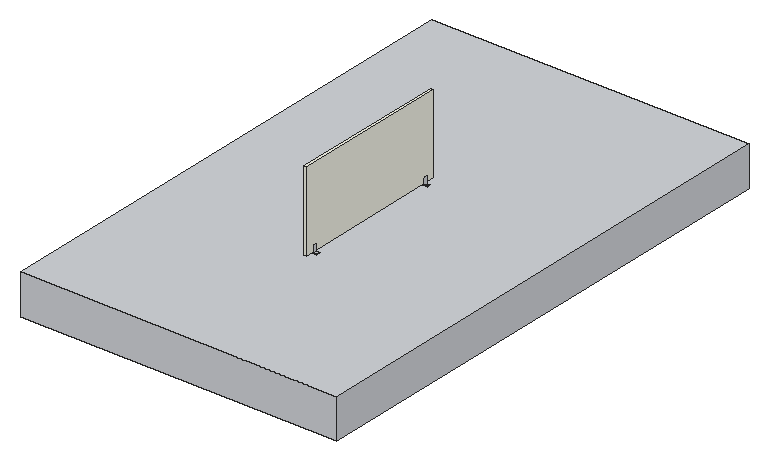
Revit family
Parameters (values of type "48" Urinal Screen")
  Wall Gap = 0' - 0 1/2"
  URL = "www.bobrick.com"
  Type Comments = "DuraLineSeries Water and Fire Resistant Solid Phenolic Partitions and Screens"
  Product Page URL = ""
  Partition Material = Laminated Plastic - Bobrick - Designer White
  Panel Thickness = 0' - 0 3/4"
  Panel Height = 4' - 0"
  Panel Depth = 2' - 0"
  Model = "1080 Series"
  Manufacturer = "Bobrick Washroom Equipment, Inc."
  Floor Offset = Default Elevation  # 1' - 0"
  Finish Material = Stainless Steel - Bobrick - Satin
  Description = "Wall Hung Urinal Screen"
  Default Elevation = 1' - 0"
  Ceiling Height = 5' - 7"
  Bracket Spacing = 3' - 6"
  Bracket Height = 0' - 3"
  Assembly Code = "C1030210"
  Floor to Ceiling Post = no
Types (4): name | Panel Height | Floor Offset | Description | Default Elevation | Ceiling Height | Bracket Spacing | Bracket Height | Floor to Ceiling Post
  (no name) | 4' - 0" | 1' - 0" | "Wall Hung Urinal Screen" | 1' - 0" | 5' - 7" | 3' - 6" | 0' - 3" | no
  42" Urinal Screen | 3' - 6" | 1' - 6" | "Wall Hung Urinal Screen" | 1' - 6" | 10' - 0" | 3' - 0" | 0' - 3" | no
  48" Urinal Screen | 4' - 0" | 1' - 0" | "Wall Hung Urinal Screen" | 1' - 0" | 5' - 7" | 3' - 6" | 0' - 3" | no
  Urinal Screen B-1083 | 4' - 10" | 1' - 0" | "Post to Ceiling Screen" | 1' - 0" | 8' - 0" | 3' - 10" | 0' - 6" | yes
Reference planes (in)
  plane 1 "Center (Front/Back)": y = 0
  plane 2: z = 0
  plane 3 "Center (Left/Right)": x = 0
  plane 4: y = 48
  plane 5: x = -0.375
  plane 6: x = 0.375
  plane 7: z = 24.5
  plane 8: z = 0.5
  plane 9: y = 3
  plane 10: y = 45
  plane 11: y = 55
  plane 12: y = -12
  plane 13 "Post": z = 25
  plane 14: z = 26.25
  plane 15: x = -0.625
  plane 16: x = 0.625
  plane 17: y = 24
Forms (in)
  Extrusion 1, solid
    sketch origin (0, 0, 0) x (1, 0, 0) y (0, 1, 0)
      loop
        line (-48, 108) -> (-48, -48) -> (48, -48) -> (48, 108) -> (-48, 108)
    from 0 to -12
  Extrusion 2, solid, material "Laminated Plastic - Bobrick - Designer White" <- "Partition Material"
    sketch origin (0, 0, 0) x (1, 0, 0) y (0, 1, 0)
      loop
        line (0.375, 0) -> (0.375, 48) -> (-0.375, 48) -> (-0.375, 0) -> (0.375, 0)
    from 0.5 to 24.5
  Extrusion 3, solid, material "Stainless Steel - Bobrick - Satin" <- "Finish Material", visible <- "Floor to Ceiling Post"
    sketch origin (0, 0, 0) x (1, 0, 0) y (0, 0, 1)
      loop
        line (-0.625, 26.25) -> (-0.625, 25) -> (0.625, 25) -> (0.625, 26.25) -> (-0.625, 26.25)
    from -55 to 12
Lines and regions (in)
  Masking region 1
    outline origin (0, 0, 0) x (0, 1, 0) y (0, 0, 1)
      loop
        line (48, 0.5) -> (48, 24.5) -> (0, 24.5) -> (0, 0.5) -> (2.5, 0.5) -> (2.5, 0) -> (3.5, 0) -> (3.5, 0.5) -> (44.5, 0.5) -> (44.5, 0) -> (45.5, 0) -> (45.5, 0.5) -> (48, 0.5)
  Masking region 2
    outline origin (0, 0, 0) x (1, 0, 0) y (0, 0, 1)
      loop
        line (0.375, 2.25) -> (0.375, 24.5) -> (-0.375, 24.5) -> (-0.375, 2.25) -> (-0.5, 2.25) -> (-0.5, 0.125) -> (-1.5, 0.125) -> (-1.5, 0) -> (1.5, 0) -> (1.5, 0.125) -> (0.5, 0.125) -> (0.5, 2.25) -> (0.375, 2.25)
  Masking region 3
    outline origin (0, 0, 0) x (1, 0, 0) y (0, 1, 0)
      loop
        line (0.375, 48) -> (-0.375, 48) -> (-0.375, 45.5) -> (-1.5, 45.5) -> (-1.5, 44.5) -> (-0.375, 44.5) -> (-0.375, 3.5) -> (-1.5, 3.5) -> (-1.5, 2.5) -> (-0.375, 2.5) -> (-0.375, 0) -> (0.375, 0) -> (0.375, 2.5) -> (1.5, 2.5) -> (1.5, 3.5) -> (0.375, 3.5) -> (0.375, 44.5) -> (1.5, 44.5) -> (1.5, 45.5) -> (0.375, 45.5) -> (0.375, 48)
  Masking region 4, visible <- "Floor to Ceiling Post"
    outline origin (0, 0, 0) x (1, 0, 0) y (0, 0, 1)
      loop
        line (-0.375, 22.75) -> (-0.375, 24.875) -> (0.375, 24.875) -> (0.375, 22.75) -> (0.625, 22.75) -> (0.625, 26.25) -> (-0.625, 26.25) -> (-0.625, 22.75) -> (-0.375, 22.75)
  Masking region 5, visible <- "Floor to Ceiling Post"
    outline origin (0, 0, 0) x (0, 1, 0) y (0, 0, 1)
      loop
        line (55, 26.25) -> (-12, 26.25) -> (-12, 25) -> (2.5, 25) -> (2.5, 22.75) -> (3.5, 22.75) -> (3.5, 25) -> (23.5, 25) -> (23.5, 22.75) -> (24.5, 22.75) -> (24.5, 25) -> (44.5, 25) -> (44.5, 22.75) -> (45.5, 22.75) -> (45.5, 25) -> (55, 25) -> (55, 26.25)
  symbolic lines, style "Urinal Screens"
    curve 1: line (0, 3.5, 0.5) -> (0, 3.5, 2.25)
    curve 2: line (0, 3.5, 2.25) -> (0, 2.5, 2.25)
    curve 3: line (0, 2.5, 2.25) -> (0, 2.5, 0.5)
    curve 4: line (0, 3.5, 0.125) -> (0, 2.5, 0.125)
    curve 5: line (0, 45.5, 0.5) -> (0, 45.5, 2.25)
    curve 6: line (0, 45.5, 2.25) -> (0, 44.5, 2.25)
    curve 7: line (0, 44.5, 2.25) -> (0, 44.5, 0.5)
    curve 8: line (0, 45.5, 0.125) -> (0, 44.5, 0.125)
    curve 9: line (0.375, 0, 2.25) -> (0.375, 0, 0.125)
    curve 10: line (0.375, 0, 0.125) -> (-0.375, 0, 0.125)
    curve 11: line (-0.375, 0, 0.125) -> (-0.375, 0, 2.25)
    curve 12: line (0.375, 0, 0.5) -> (-0.375, 0, 0.5)
    curve 13: line (0.5, 3.5, 0) -> (0.5, 2.5, 0)
    curve 14: line (-0.5, 3.5, 0) -> (-0.5, 2.5, 0)
    curve 15: line (-0.375, 3.5, 0) -> (-0.375, 2.5, 0)
    curve 16: line (0.375, 3.5, 0) -> (0.375, 2.5, 0)
    curve 17: line (-0.375, 45.5, 0) -> (-0.375, 44.5, 0)
    curve 18: line (-0.5, 45.5, 0) -> (-0.5, 44.5, 0)
    curve 19: line (0.375, 45.5, 0) -> (0.375, 44.5, 0)
    curve 20: line (0.5, 45.5, 0) -> (0.5, 44.5, 0)
  symbolic lines, style "Urinal Screens", visible <- "Floor to Ceiling Post"
    curve 21: line (0, 45.5, 25) -> (0, 44.5, 25)
    curve 22: line (0, 24.5, 25) -> (0, 23.5, 25)
    curve 23: line (0, 3.5, 25) -> (0, 2.5, 25)
    curve 24: line (-0.625, 0, 25) -> (0.625, 0, 25)
Dimensions and locks (in)
  equal spacing: plane 5, plane 3 "Center (Left/Right)", plane 6
  "Panel Thickness": plane 5 to plane 6
  "Panel Height": plane 1 "Center (Front/Back)" to plane 4
  "Wall Gap": plane 8 to level
  "Panel Depth": plane 7 to plane 8
  "Bracket Height": plane 1 "Center (Front/Back)" to plane 9
  "Bracket Spacing": plane 10 to plane 9
  "Floor Offset": plane 12 to plane 1 "Center (Front/Back)"
  "Ceiling Height": plane 11 to plane 12
  "Wall Gap": plane 13 "Post" to plane 7
  locked: plane 14 to plane 13 "Post" at 1.25
  plane 15 to plane 3 "Center (Left/Right)" to plane 16 = 0' - 0 5/8" locked, 0' - 0 5/8" locked
  equal spacing: plane 10, plane 17, plane 9
  aligned and locked: plane 2 to Extrusion 1
  aligned and locked: level to Extrusion 1
  aligned and locked: Extrusion 2 sketch curve to plane 1 "Center (Front/Back)"
  aligned and locked: plane 6 to Extrusion 2 sketch curve
  aligned and locked: Extrusion 2 sketch curve to plane 4
  aligned and locked: plane 5 to Extrusion 2 sketch curve
  aligned and locked: plane 7 to Extrusion 2
  aligned and locked: Extrusion 2 to plane 8
  aligned and locked: nested 1 to level
  aligned and locked: plane 3 "Center (Left/Right)" to nested 1
  aligned and locked: nested 1 to plane 9
  aligned and locked: nested 2 to level
  aligned and locked: nested 2 to plane 10
  aligned and locked: Masking region 1 sketch curve to Extrusion 2  (x4)
  aligned and locked: nested 1 to Masking region 1 sketch curve
  aligned and locked: Masking region 1 sketch curve to nested 1  (x2)
  aligned and locked: Masking region 1 sketch curve to nested 2  (x2)
  aligned and locked: nested 2 to Masking region 1 sketch curve
  aligned and locked: Extrusion 2 to Masking region 2 sketch curve
  aligned and locked: Masking region 2 sketch curve to Extrusion 2
  aligned and locked: Extrusion 1 to Masking region 2 sketch curve
  aligned and locked: Masking region 2 sketch curve to nested 2  (x7)
  aligned and locked: Masking region 3 sketch curve to Extrusion 2  (x4)
  aligned and locked: Masking region 3 sketch curve to nested 1  (x4)
  aligned and locked: Masking region 3 sketch curve to nested 2  (x4)
  aligned and locked: Extrusion 3 sketch curve to plane 14
  aligned and locked: Extrusion 3 sketch curve to plane 15
  aligned and locked: plane 13 "Post" to Extrusion 3 sketch curve
  aligned and locked: Extrusion 3 sketch curve to plane 16
  aligned and locked: plane 11 to Extrusion 3
  aligned and locked: Extrusion 3 to plane 12
  aligned and locked: plane 13 "Post" to nested 3
  aligned and locked: plane 3 "Center (Left/Right)" to nested 3
  aligned and locked: nested 3 to plane 10
  aligned and locked: nested 5 to plane 9
  aligned and locked: plane 17 to nested 4
  aligned and locked: plane 7 to Masking region 2 sketch curve
  aligned and locked: Masking region 4 sketch curve to plane 14
  aligned and locked: Masking region 4 sketch curve to plane 16
  aligned and locked: Masking region 4 sketch curve to plane 15
  aligned and locked: Masking region 4 sketch curve to plane 5
  aligned and locked: Masking region 4 sketch curve to plane 6
  aligned and locked: Masking region 4 sketch curve to nested 5  (x3)
  aligned and locked: plane 14 to Masking region 5 sketch curve
  aligned and locked: Masking region 5 sketch curve to plane 12
  aligned and locked: Masking region 5 sketch curve to plane 13 "Post"  (x4)
  aligned and locked: nested 5 to Masking region 5 sketch curve
  aligned and locked: Masking region 5 sketch curve to nested 5  (x2)
  aligned and locked: nested 4 to Masking region 5 sketch curve
  aligned and locked: Masking region 5 sketch curve to nested 4  (x2)
  aligned and locked: plane 11 to Masking region 5 sketch curve
  aligned and locked: Masking region 5 sketch curve to nested 3
  aligned and locked: nested 3 to Masking region 5 sketch curve
  aligned and locked: Masking region 5 to nested 3
  aligned and locked: plane 13 "Post" to nested 5
  aligned and locked: plane 13 "Post" to nested 4
Automatic sketch dimensions
  Extrusion 1 sketch curve to Extrusion 1 sketch curve = 8' - 0"
  Extrusion 1 sketch curve to Extrusion 1 sketch curve = 13' - 0"
  plane 10 to Masking region 3 sketch curve = 0' - 0 1/2"
  Masking region 3 sketch curve to plane 5 = 0' - 0"  (x2)
  Masking region 3 sketch curve to plane 6 = 0' - 0"  (x2)
  Masking region 3 sketch curve to plane 10 = 0' - 0 1/2"
  plane 9 to Masking region 3 sketch curve = 0' - 0 1/2"
  Masking region 3 sketch curve to plane 9 = 0' - 0 1/2"
  curve 15 to plane 5 = 0' - 0"
  curve 17 to plane 5 = 0' - 0"
  curve 19 to plane 6 = 0' - 0"
  curve 16 to plane 6 = 0' - 0"
  curve 18 to curve 17 = 0' - 0 1/8"
  curve 14 to plane 5 = 0' - 0 1/8"
  curve 13 to plane 6 = 0' - 0 1/8"
  curve 20 to plane 6 = 0' - 0 1/8"
  curve 13 to plane 9 = 0' - 0 1/2"
  curve 15 to plane 9 = 0' - 0 1/2"
  curve 14 to curve 15 = 0' - 0"  (x2)
  curve 16 to curve 13 = 0' - 0"  (x2)
  plane 9 to curve 15 = 0' - 0 1/2"
  plane 9 to curve 16 = 0' - 0 1/2"
  curve 20 to plane 10 = 0' - 0 1/2"
  curve 17 to plane 10 = 0' - 0 1/2"
  curve 19 to curve 20 = 0' - 0"  (x2)
  curve 18 to curve 17 = 0' - 0"  (x2)
  plane 10 to curve 18 = 0' - 0 1/2"
  plane 10 to curve 20 = 0' - 0 1/2"
  level to Masking region 2 sketch curve = 0' - 0 1/8"
  curve 3 to plane 8 = 0' - 0"
  curve 23 to plane 13 "Post" = 0' - 0"
  curve 1 to plane 8 = 0' - 0"
  curve 22 to plane 13 "Post" = 0' - 0"
  curve 7 to plane 8 = 0' - 0"
  curve 21 to plane 13 "Post" = 0' - 0"
  curve 5 to plane 8 = 0' - 0"
  curve 2 to plane 9 = 0' - 0 1/2"
  level to curve 4 = 0' - 0 1/8"
  curve 4 to curve 3 = 0' - 0"
  curve 23 to plane 9 = 0' - 0 1/2"
  plane 9 to curve 1 = 0' - 0 1/2"
  curve 4 to curve 1 = 0' - 0"
  plane 9 to curve 23 = 0' - 0 1/2"
  plane 17 to curve 22 = 0' - 0 1/2"
  curve 22 to plane 17 = 0' - 0 1/2"
  level to curve 8 = 0' - 0 1/8"
  curve 8 to plane 10 = 0' - 0 1/2"
  curve 7 to plane 10 = 0' - 0 1/2"
  curve 21 to plane 10 = 0' - 0 1/2"
  plane 10 to curve 21 = 0' - 0 1/2"
  plane 10 to curve 8 = 0' - 0 1/2"
  plane 10 to curve 6 = 0' - 0 1/2"
  curve 3 to curve 2 = 0' - 1 3/4"
  plane 8 to curve 5 = 0' - 1 3/4"
  curve 24 to plane 13 "Post" = 0' - 0"
  plane 15 to curve 24 = 0' - 0"
  curve 12 to plane 5 = 0' - 0"
  plane 6 to curve 12 = 0' - 0"
  curve 24 to plane 16 = 0' - 0"
  curve 12 to plane 8 = 0' - 0"
  level to curve 11 = 0' - 0 1/8"
  plane 8 to curve 11 = 0' - 1 3/4"
  curve 9 to curve 11 = 0' - 0"
  Masking region 1 sketch curve to plane 8 = 0' - 0"  (x2)
  Masking region 5 sketch curve to plane 7 = 0' - 1 3/4"
Nested families (in)
  nested 1: "Wall_Hung_Bracket-Bobrick" at (0, 2.5, 0), type "1 Inch Panel"
  nested 2: "Wall_Hung_Bracket-Bobrick" at (0, 44.5, 0), type "1 Inch Panel"
  nested 3: "Panel_to_Post_Bracket-Bobrick" at (0, 44.5, 25), visible <- "Floor to Ceiling Post", type "1 Inch Panel"
  nested 4: "Panel_to_Post_Bracket-Bobrick" at (0, 23.5, 25), visible <- "Floor to Ceiling Post", type "1 Inch Panel"
  nested 5: "Panel_to_Post_Bracket-Bobrick" at (0, 2.5, 25), visible <- "Floor to Ceiling Post", type "1 Inch Panel"
Definition of nested family "Wall_Hung_Bracket-Bobrick"
  Parameters (values of type "1 Inch Panel")
    Panel Thickness = 0' - 1"
  Types (3): name | Panel Thickness
    (no name) | 0' - 1"
    1 Inch Panel | 0' - 1"
    3/4 Inch Panel | 0' - 0 3/4"
  Reference planes (in)
    plane 1 "Center (Front/Back)": y = 0
    plane 2: z = 0
    plane 3 "Center (Left/Right)": x = 0
    plane 4: y = 1
    plane 5: x = 1.5
    plane 6: x = -1.5
    plane 7: x = -0.5
    plane 8: x = 0.5
    plane 9: x = -0.625
    plane 10: x = 0.625
    plane 11: z = 0.125
    plane 12: z = 2.25
    plane 13: y = 0.5
  Forms (in)
    Extrusion 1, solid, material "Stainless Steel - Bobrick - Satin"
      sketch origin (0, 0, 0) x (1, 0, 0) y (0, 1, 0)
        loop
          line (-1.5, 1) -> (-1.5, 0) -> (1.5, 0) -> (1.5, 1) -> (-1.5, 1)
      from 0 to 0.125
    Extrusion 2, solid, material "Stainless Steel - Bobrick - Satin"
      sketch origin (0, 0, 0) x (1, 0, 0) y (0, 1, 0)
        loop
          line (-0.625, 1) -> (-0.625, 0) -> (-0.5, 0) -> (-0.5, 1) -> (-0.625, 1)
      from 0.125 to 2.25
    Extrusion 3, solid, material "Stainless Steel - Bobrick - Satin"
      sketch origin (0, 0, 0) x (1, 0, 0) y (0, 1, 0)
        loop
          line (0.5, 1) -> (0.5, 0) -> (0.625, 0) -> (0.625, 1) -> (0.5, 1)
      from 0.125 to 2.25
  Cuts and joins
    joined: Extrusion 1, Extrusion 2, Extrusion 3
  Dimensions and locks (in)
    equal spacing: plane 6, plane 3 "Center (Left/Right)", plane 5
    plane 6 to plane 5 = 0' - 3"
    plane 1 "Center (Front/Back)" to plane 4 = 0' - 1"
    equal spacing: plane 7, plane 3 "Center (Left/Right)", plane 8
    "Panel Thickness": plane 7 to plane 8
    locked: plane 9 to plane 7 at 0.125
    locked: plane 8 to plane 10 at 0.125
    locked: plane 11 to level at 0.125
    locked: plane 12 to level at 2.25
    plane 4 to plane 13 to plane 1 "Center (Front/Back)" = 0' - 0 1/2" locked, 0' - 0 1/2" locked
    aligned and locked: plane 2 to level
    aligned and locked: Extrusion 1 sketch curve to plane 4
    aligned and locked: Extrusion 1 sketch curve to plane 6
    aligned and locked: Extrusion 1 sketch curve to plane 1 "Center (Front/Back)"
    aligned and locked: Extrusion 1 sketch curve to plane 5
    aligned and locked: Extrusion 1 to level
    aligned and locked: plane 11 to Extrusion 1
    aligned and locked: Extrusion 2 sketch curve to plane 4
    aligned and locked: plane 9 to Extrusion 2 sketch curve
    aligned and locked: Extrusion 2 sketch curve to plane 1 "Center (Front/Back)"
    aligned and locked: Extrusion 2 sketch curve to plane 7
    aligned and locked: Extrusion 2 to plane 11
    aligned and locked: plane 12 to Extrusion 2
    aligned and locked: plane 10 to Extrusion 3 sketch curve
    aligned and locked: Extrusion 3 sketch curve to plane 8
    aligned and locked: Extrusion 3 sketch curve to plane 4
    aligned and locked: Extrusion 3 sketch curve to plane 1 "Center (Front/Back)"
    aligned and locked: plane 12 to Extrusion 3
    aligned and locked: Extrusion 3 to plane 11
Definition of nested family "Panel_to_Post_Bracket-Bobrick"
  Parameters (values of type "1 Inch Panel")
    Panel Thickness = 0' - 1"
    Assembly Code = ""
  Reference planes (in)
    plane 1 "Center (Front/Back)": y = 0
    plane 2: z = 0
    plane 3 "Center (Left/Right)": x = 0
    plane 4: y = 1
    plane 5: x = -0.5
    plane 6: x = 0.5
    plane 7: x = -0.625
    plane 8: x = 0.625
    plane 9: z = -0.125
    plane 10: z = -2.25
    plane 11: y = 0.5
  Forms (in)
    Extrusion 1, solid, material "Stainless Steel - Bobrick - Satin"
      sketch origin (0, 0, 0) x (1, 0, 0) y (0, 1, 0)
        loop
          line (-0.625, 1) -> (-0.625, 0) -> (0.625, 0) -> (0.625, 1) -> (-0.625, 1)
      from 0 to -0.125
    Extrusion 2, solid, material "Stainless Steel - Bobrick - Satin"
      sketch origin (0, 0, 0) x (1, 0, 0) y (0, 1, 0)
        loop
          line (-0.625, 1) -> (-0.625, 0) -> (-0.5, 0) -> (-0.5, 1) -> (-0.625, 1)
      from -0.125 to -2.25
    Extrusion 3, solid, material "Stainless Steel - Bobrick - Satin"
      sketch origin (0, 0, 0) x (1, 0, 0) y (0, 1, 0)
        loop
          line (0.5, 1) -> (0.5, 0) -> (0.625, 0) -> (0.625, 1) -> (0.5, 1)
      from -0.125 to -2.25
  Cuts and joins
    joined: Extrusion 1, Extrusion 2, Extrusion 3
  Dimensions and locks (in)
    plane 1 "Center (Front/Back)" to plane 4 = 0' - 1"
    equal spacing: plane 5, plane 3 "Center (Left/Right)", plane 6
    "Panel Thickness": plane 5 to plane 6
    locked: plane 7 to plane 5 at 0.125
    locked: plane 6 to plane 8 at 0.125
    locked: level to plane 9 at 0.125
    locked: level to plane 10 at 2.25
    plane 4 to plane 11 to plane 1 "Center (Front/Back)" = 0' - 0 1/2" locked, 0' - 0 1/2" locked
    aligned and locked: plane 2 to level
    aligned and locked: Extrusion 1 sketch curve to plane 4
    aligned and locked: Extrusion 1 sketch curve to plane 1 "Center (Front/Back)"
    aligned and locked: Extrusion 1 to level
    aligned and locked: plane 9 to Extrusion 1
    aligned and locked: Extrusion 2 sketch curve to plane 4
    aligned and locked: plane 7 to Extrusion 2 sketch curve
    aligned and locked: Extrusion 2 sketch curve to plane 1 "Center (Front/Back)"
    aligned and locked: Extrusion 2 sketch curve to plane 5
    aligned and locked: Extrusion 2 to plane 9
    aligned and locked: plane 10 to Extrusion 2
    aligned and locked: plane 8 to Extrusion 3 sketch curve
    aligned and locked: Extrusion 3 sketch curve to plane 6
    aligned and locked: Extrusion 3 sketch curve to plane 4
    aligned and locked: Extrusion 3 sketch curve to plane 1 "Center (Front/Back)"
    aligned and locked: plane 10 to Extrusion 3
    aligned and locked: Extrusion 3 to plane 9
    aligned and locked: Extrusion 1 to plane 7
    aligned and locked: Extrusion 1 to plane 8
  Automatic sketch dimensions
    Extrusion 1 sketch curve to plane 8 = 0' - 0"
    Extrusion 1 sketch curve to plane 7 = 0' - 0"
